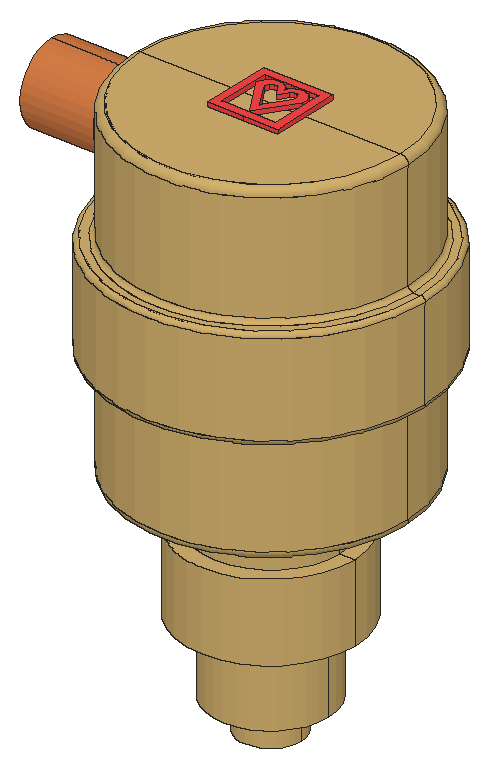
Revit family "Entlüfter 2630 11 (12)", category Rohrzubehör, Revit 2019
Family settings
  Bemaßung runder Anschluss = Durchmesser verwenden
  Teiletyp = Normal
  OmniClass-Nummer = 23.65.55.14
  OmniClass-Titel = Valves for Liquid Services
  Arbeitsebenenbasiert = Nein
  Immer vertikal = Ja
  Beim Laden mit Abzugskörper schneiden = Nein
  Gemeinsam genutzt = Nein
Parameters
  Schwimmer = "Polypropylen"  # constant formula
  SW = 11.000 mm  # constant formula
  SCRNSEQ = "AWI;AWI_TYP=\"1013\";1"
  SCRNCODE = "05;14;01"  # constant formula
  S05 = 19.000 mm  # constant formula
  S04 = 16.500 mm  # constant formula
  S03 = 24.500 mm  # constant formula
  S02 = 11.000 mm  # constant formula
  S01 = 56.000 mm  # constant formula
  Rückflussverhinderer = "Messing CW617N, EN 12165"  # constant formula
  Min.Betriebstemperatur = 0 °C  # constant formula
  Max.Strukturdruck = 1000000.0 Pa  # constant formula
  Max.Betriebstemperatur = 110 °C  # constant formula
  URL = "www.herz-armaturen.at"
  R02 = 0.600 mm  # constant formula
  R01 = 1.000 mm  # constant formula
  Nennweite [instance] = 15.000 mm
  Medium = "Heizungswasser nach ÖNORM H5195 oder VDI- Richtlinie 2035. Die Verwendung von Ethylen- oder Propyleneglykol in einem Mischungsverhältnis von 25 - 50% ist zulässig. EPDM-Dichtungen können durch Mineralöle und Schmiermittel beeinflusst werden, was zum Versagen der EPDM-Dichtungen führen kann. Bitte beachten Sie die Dokumentation des Herstellers, wenn Ethylenglykol-Produkte für den Frost- und Korrosionsschutz verwendet werden."
  Max.Betriebsdruck = 1000000.0 Pa  # constant formula
  L04 = L02 - L03  # 18.800 mm
  L03 = 9.500 mm  # constant formula
  L02 = 28.300 mm  # constant formula
  L01 = 4.000 mm  # constant formula
  Hersteller = "Herz-Armaturen GmbH"  # constant formula
  H11 = 10.000 mm  # constant formula
  H10 = 2.500 mm  # constant formula
  H09 [instance] = if(Nennweite = 10.000 mm, 30.000 mm, 26.000 mm)  # 26.000 mm
  H08 = H00 - 1.000 mm  # 55.000 mm
  H07 = H00 - 7.500 mm  # 48.500 mm
  H06 = 2.500 mm  # constant formula
  H05 = 9.000 mm  # constant formula
  H04 = 14.500 mm  # constant formula
  H03 = 15.500 mm  # constant formula
  H02 = 13.000 mm  # constant formula
  H01 = 9.500 mm  # constant formula
  H00 = 56.000 mm  # constant formula
  Gehäuse = "geschmiedetes Messing nach EN 12165, CW617N"  # constant formula
  G1 [instance] = Nennweite / 2  # 7.500 mm
  G = 5.000 mm  # constant formula
  Dichtung = "EPDM"  # constant formula
  Deckel = "geschmiedetes Messing nach EN 12165, CW617N"  # constant formula
  D08 = 4.000 mm  # constant formula
  D07 = 9.000 mm  # constant formula
  D06 = 3.400 mm  # constant formula
  D05 = 5.100 mm  # constant formula
  D04 = 12.500 mm  # constant formula
  D03 = 11.000 mm  # constant formula
  D02 = 20.000 mm  # constant formula
  D01 = 17.800 mm  # constant formula
  Bestellnummer [instance] = if(Nennweite = 10.000 mm, 1263011, if(Nennweite = 15.000 mm, 1263012, 0))  # 1263012
  Aussengewindeanschluss = "nach ISO 228"  # constant formula
  Anwendungsgebiet = "Der automatische Schnellentlüfter wird in Heizungs- und Kühlungssysteme zur Entlüftung der Anlage verwendet. Das Ventil sollte in der Nähe des Boilers oder am höchsten Punkt der Anlage installiert werden, um eine garantierte Entlüftung der Anlage an die Umgebung zu gewährleisten."
  Abdeckkappe = "ABS Kunststoff, Rot"  # constant formula
Reference planes
  plane 1 "Mitte (Vorne/hinten)": y = 0
  plane 2: z = 0
  plane 3 "Mitte (Links/rechts)": x = 0
Forms (mm)
  Revolve 1, solid, material "Messing", detail levels fine
    sketch origin (0, 0, 0) x (1, 0, 0) y (0, 0, 1)
      loop
        line (0, 56) -> (-16.8, 56)
        arc (-16.8, 56) -> (-17.507, 55.707) -> (-17.8, 55) r 1
        line (-17.8, 55) -> (-17.8, 41.1)
        arc (-17.8, 41.1) -> (-17.976, 40.676) -> (-18.4, 40.5) r 0.6
        line (-18.4, 40.5) -> (-19.4, 40.5)
        arc (-19.4, 40.5) -> (-19.824, 40.324) -> (-20, 39.9) r 0.6
        line (-20, 39.9) -> (-20, 28.1)
        arc (-20, 28.1) -> (-19.824, 27.676) -> (-19.4, 27.5) r 0.6
        line (-19.4, 27.5) -> (-18.4, 27.5)
        arc (-18.4, 27.5) -> (-17.976, 27.324) -> (-17.8, 26.9) r 0.6
        line (-17.8, 26.9) -> (-17.8, 14)
        arc (-17.8, 14) -> (-17.507, 13.293) -> (-16.8, 13) r 1
        line (-16.8, 13) -> (-13.8, 13) -> (-9, 9.5) -> (-5, 9.5) -> (-5, 0) -> (0, 0) -> (0, 56)
      axis (0, 56) -> (0, 0)
    angle from 0 to 360
  Revolve 2, solid, material "Messing", detail levels fine
    sketch origin (0, 0, 0) x (1, 0, 0) y (0, 0, 1)
      loop
        line (0, 48.5) -> (0, 51.9) -> (-18.8, 51.9) -> (-18.8, 48.5) -> (0, 48.5)
      axis (-18.8, 48.5) -> (0, 48.5)
    angle from 0 to 360
  Revolve 3, solid, material "Kunststoff-Orange", detail levels fine
    sketch origin (0, 0, 0) x (1, 0, 0) y (0, 0, 1)
      loop
        line (-28.3, 48.5) -> (-18.8, 48.5) -> (-18.8, 53.6) -> (-28.3, 53.6) -> (-28.3, 48.5)
      axis (-28.3, 48.5) -> (-18.8, 48.5)
    angle from 0 to 360
  Revolve 4, solid, material "Messing", detail levels fine
    sketch origin (0, 0, 0) x (1, 0, 0) y (0, 0, 1)
      loop
        line (-5, 9.5) -> (-9, 9.5) -> (-9, 7) -> (-11, 7) -> (-11, -3) -> (-7.5, -3) -> (-7.5, -12.5) -> (-4, -12.5) -> (-4, -16.5) -> (0, -16.5) -> (0, 0) -> (-5, 0) -> (-5, 9.5)
      axis (0, 9.5) -> (0, -16.5)
    angle from 0 to 360
Lines and regions (mm)
  model lines, detail levels coarse+medium
    curve 1: line (0, 0, 56) -> (-12.587, 0, 43.413)
    curve 2: line (0, 0, 56) -> (12.587, 0, 43.413)
    curve 3: circle (0, 0, 31.5) r 11 normal (0, -1, 0)
    curve 4: line (0, 0, 42.5) -> (0, 0, 56)
    curve 5: line (0, 0, 20.5) -> (0, 0, 0)
    curve 6: line (-9.5, 0, 0) -> (9.5, 0, 0)
    curve 7: line (9.5, 0, 0) -> (-8.886, 0, -16.5)
    curve 8: line (-8.886, 0, -16.5) -> (10.114, 0, -16.5)
    curve 9: circle (-8.886, 0, -16.5) r 5 normal (0, -1, 0)
    curve 10: line (0, 0, 56) -> (0, -12.587, 43.413)
    curve 11: line (0, 0, 56) -> (0, 12.587, 43.413)
    curve 12: circle (0, 0, 31.5) r 11 normal (1, 0, 0)
    curve 13: line (0, -9.5, 0) -> (0, 9.5, 0)
    curve 14: line (0, 9.5, 0) -> (0, -9.5, -16.5)
    curve 15: line (0, -9.5, -16.5) -> (0, 9.5, -16.5)
    curve 16: circle (0, -9.5, -16.5) r 5 normal (1, 0, 0)
    curve 17: line (0, 56, 0) -> (-12.587, 43.413, 0)
    curve 18: line (-12.587, 43.413, 0) -> (0, 56, 0)
    curve 19: line (0, 56, 0) -> (12.587, 43.413, 0)
    curve 20: circle (0, 31.5, 0) r 11 normal (0, 0, 1)
    curve 21: line (0, 42.5, 0) -> (0, 56, 0)
    curve 22: line (0, 20.5, 0) -> (0, 0, 0)
    curve 23: line (-9.5, 0, 0) -> (9.5, 0, 0)
    curve 24: line (9.5, 0, 0) -> (-9.5, -16.5, 0)
    curve 25: line (-9.5, -16.5, 0) -> (9.5, -16.5, 0)
    curve 26: circle (-9.5, -16.5, 0) r 5 normal (0, 0, 1)
Dimensions and locks
  "H02": Revolve 1 sketch curve to Revolve 1 sketch curve
  "H03": Revolve 1 sketch curve to Revolve 1 sketch curve
  "H04": Revolve 1 sketch curve to Revolve 1 sketch curve
  "L01": Revolve 1 sketch curve to Revolve 1 sketch curve  (x2)
  "D01": Revolve 1 sketch curve to Revolve 1 sketch curve  (x2)
  "D02": Revolve 1 sketch curve to Revolve 1 sketch curve
  "H07": Revolve 2 sketch curve to plane 2
  "D06": Revolve 2 sketch curve to Revolve 2 sketch curve
  "L02": plane 3 "Mitte (Links/rechts)" to Revolve 3 sketch curve
  "L03": Revolve 3 sketch curve to Revolve 3 sketch curve
  "D05": Revolve 3 sketch curve to Revolve 3 sketch curve
  "H07": Revolve 3 sketch curve to plane 2
  "L04": plane 3 "Mitte (Links/rechts)" to Revolve 2 sketch curve
  "H08": nested 1 to plane 2
  "G": Revolve 1 sketch curve to Revolve 1 sketch curve
  "H00": Revolve 1 sketch curve to Revolve 1 sketch curve
  "H01": Revolve 1 sketch curve to Revolve 1 sketch curve
  "G1": Revolve 4 sketch curve to Revolve 4 sketch curve
  "D07": Revolve 4 sketch curve to Revolve 4 sketch curve
  "D08": Revolve 4 sketch curve to Revolve 4 sketch curve
  "H09": Revolve 4 sketch curve to Revolve 4 sketch curve
  "H01": Revolve 4 sketch curve to Revolve 4 sketch curve  (x2)
  "H10": Revolve 4 sketch curve to Revolve 4 sketch curve
  "H11": Revolve 4 sketch curve to Revolve 4 sketch curve
  "SW": Revolve 4 sketch curve to Revolve 4 sketch curve
  "G": Revolve 4 sketch curve to Revolve 4 sketch curve
  "S01": curve 4 to plane 2
  "D01": curve 1 to curve 1
  "D01": curve 2 to curve 2
  "S03": curve 4 to curve 3
  "S05": curve 6 to curve 7
  "S05": curve 8 to curve 8
  "S04": curve 6 to curve 8
  "S01": curve 11 to plane 2
  "D01": curve 10 to curve 10
  "D01": curve 11 to curve 11
  "S03": curve 11 to curve 12
  "S04": curve 15 to curve 13
  "S05": curve 13 to curve 14
  "S05": curve 15 to curve 15
  "S01": plane 1 "Mitte (Vorne/hinten)" to curve 19
  "S03": curve 19 to curve 20
  "D01": curve 18 to curve 18
  "D01": curve 19 to curve 19
  "S05": curve 23 to curve 24
  "S05": curve 25 to curve 24
  "S04": curve 25 to curve 23
  "R01": radius of Revolve 1 sketch curve  (x2)
  "R02": radius of Revolve 1 sketch curve  (x4)
  "S02": radius of curve 3
  "S02": radius of curve 12
  "S02": radius of curve 20
  angle curve 1 to curve 4 = 45.00°
  angle curve 4 to curve 2 = 45.00°
  angle curve 10 to plane 1 "Mitte (Vorne/hinten)" = 45.00°
  angle plane 1 "Mitte (Vorne/hinten)" to curve 11 = 45.00°
  angle curve 18 to curve 21 = 45.00°
  angle curve 21 to curve 19 = 45.00°
  aligned and locked: level to plane 2
Automatic sketch dimensions
  curve 13 to level = 0.000 mm
  curve 10 to plane 1 "Mitte (Vorne/hinten)" = 0.000 mm
  curve 12 to plane 1 "Mitte (Vorne/hinten)" = 0.000 mm
  plane 1 "Mitte (Vorne/hinten)" to curve 14 = 9.500 mm
  curve 16 to curve 14 = 0.000 mm  (x2)
  curve 13 to plane 1 "Mitte (Vorne/hinten)" = 9.500 mm
  curve 6 to level = 0.000 mm
  curve 4 to plane 3 "Mitte (Links/rechts)" = 0.000 mm
  curve 5 to plane 3 "Mitte (Links/rechts)" = 0.000 mm
  curve 3 to plane 3 "Mitte (Links/rechts)" = 0.000 mm
  curve 9 to plane 3 "Mitte (Links/rechts)" = 8.886 mm
  curve 8 to curve 9 = 0.000 mm
  plane 3 "Mitte (Links/rechts)" to curve 6 = 9.500 mm
  curve 9 to curve 7 = 0.000 mm
  plane 1 "Mitte (Vorne/hinten)" to curve 23 = 0.000 mm
  curve 21 to plane 3 "Mitte (Links/rechts)" = 0.000 mm
  curve 22 to plane 3 "Mitte (Links/rechts)" = 0.000 mm
  curve 20 to plane 3 "Mitte (Links/rechts)" = 0.000 mm
  curve 26 to plane 3 "Mitte (Links/rechts)" = 9.500 mm
  curve 24 to curve 26 = 0.000 mm
  curve 22 to curve 23 = 9.500 mm
  curve 26 to curve 24 = 0.000 mm
  Revolve 1 sketch curve to level = 0.000 mm
  Revolve 1 sketch curve to plane 3 "Mitte (Links/rechts)" = 0.000 mm
  plane 3 "Mitte (Links/rechts)" to Revolve 1 sketch curve = 0.000 mm
  Revolve 1 sketch curve to Revolve 1 sketch curve = 2000.000 mm
  Revolve 1 sketch curve to Revolve 1 sketch curve = 1932.500 mm
  Revolve 2 sketch curve to plane 3 "Mitte (Links/rechts)" = 0.000 mm  (x2)
  Revolve 2 sketch curve to Revolve 2 sketch curve = 0.000 mm  (x2)
  Revolve 3 sketch curve to Revolve 3 sketch curve = 0.000 mm  (x3)
  Revolve 4 sketch curve to level = 0.000 mm
  Revolve 4 sketch curve to plane 3 "Mitte (Links/rechts)" = 0.000 mm  (x2)
  Revolve 4 sketch curve to Revolve 4 sketch curve = 340.545 mm
  Revolve 4 sketch curve to Revolve 4 sketch curve = 2204.815 mm
  radius of curve 16 = 5.000 mm
  radius of curve 9 = 5.000 mm
  radius of curve 26 = 5.000 mm
Nested families
  nested 1: "Herz-Logo" at (0, 0, 55), type "Herz-Logo", detail levels fine
Connectors
  piping at (0, 0, -12.5), diameter 15, driven by "Nennweite"
    settings: on Revolve 4, index 1, connector inside diameter 609.6 mm, connector length 0.000 mm, flow factor 0, pipe flow 0.0 L/s, pressure drop 0.0 Pa, fitting loss kfactor 0, connector angle 0.00°, fixture units 0, engagement length 0.000 mm, angle of deflection 0.00°, flow configuration 0, flow direction 0, fitting loss method 0, system type 7, joint type 0, gender type 0, connector reference index -1, connector utility 0, adjustable connector no, is connector primary yes, connector description ""
Definition of nested family "Herz-Logo"
  Reference planes
    plane 1 "Mitte (Vorne/hinten)": y = 0
    plane 2: z = 0
    plane 3 "Mitte (Links/rechts)": x = 0
  Forms (mm)
    Extrusion 1, solid
      sketch origin (0, 0, 0) x (1, 0, 0) y (0, 1, 0)
        loop
          line (-0.018, -4.517) -> (4.482, -4.517) -> (4.482, 4.483) -> (-4.518, 4.483) -> (-4.518, -4.517) -> (-0.018, -4.517)
        loop
          line (-0.05, -3.48) -> (3.482, -3.48) -> (3.482, 3.483) -> (-3.518, 3.483) -> (-3.518, -3.48) -> (-0.05, -3.48)
        loop
          arc (-0.018, 2.383) -> (-1.543, 3.287) -> (-3.067, 2.383) r 1.738
          arc (-3.067, 2.383) -> (-3.191, 1.899) -> (-3.067, 1.415) r 1.009
          line (-3.067, 1.415) -> (-0.018, -3.281) -> (3.032, 1.415)
          arc (3.032, 1.415) -> (3.156, 1.899) -> (3.032, 2.383) r 1.009
          arc (3.032, 2.383) -> (1.507, 3.287) -> (-0.018, 2.383) r 1.738
        loop
          arc (1.885, 1.272) -> (2.005, 1.675) -> (1.885, 2.079) r 0.74
          arc (1.885, 2.079) -> (1.265, 2.416) -> (0.644, 2.079) r 0.74
          line (0.644, 2.079) -> (-0.018, 0.97) -> (-0.679, 2.079)
          arc (-0.679, 2.079) -> (-1.3, 2.416) -> (-1.921, 2.079) r 0.74
          arc (-1.921, 2.079) -> (-2.04, 1.675) -> (-1.921, 1.272) r 0.74
          line (-1.921, 1.272) -> (-0.018, -1.658) -> (1.885, 1.272)
      from 0 to 1.5
  Dimensions and locks
    aligned and locked: level to plane 2
